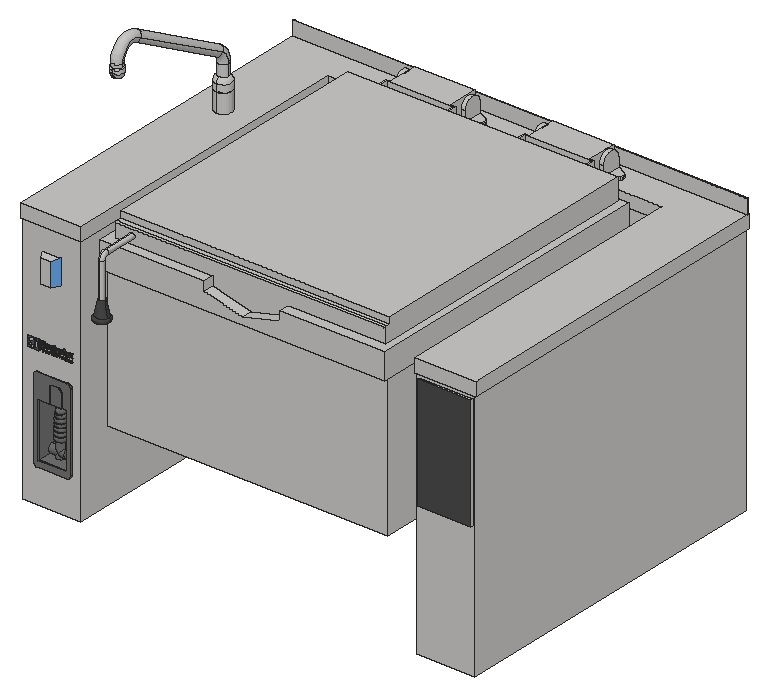
Revit family "QF_ELECTROLUXPROFESSIONAL_586955_PFET09ELES", category Specialty Equipment, Revit 2018
Family settings
  Round Connector Dimension = Use Radius
  Part Type = Normal
  Work Plane-Based = No
  Always vertical = Yes
  Cut with Voids When Loaded = No
  Shared = Yes
  Room Calculation Point = No
Parameters (values of type "Standard")
  Weight = 240.00 kg
  Watts = 0 W
  Volts = 400 V
  URL Manufacturer = "http://professional.electrolux.com"
  URL = "http://professional.electrolux.com"
  Steam Supply Size = 0"
  Steam Supply Minimum Pressure = 0.00 psi
  Steam Supply Maximum Pressure = 0.00 psi
  Steam Pounds per Hour = 0
  Show Logo [instance] = yes
  Refrigeration Suction Line Size = 0"
  Refrigeration Liquid Line Size = 0"
  Refrigerant Compressor Remote = yes
  Plinth Base Finish [instance] = QF_Finishes_Concrete
  Plinth Base [instance] = not(Base Height = 500.00 mm)  # yes
  Phase = 3
  Model = "PFET09ELES"
  Manufacturer = "Electrolux Professional"
  Length Actual = 1200.00 mm  # constant formula
  Item Number = "586955"
  Hot Water Size = 1/2"
  Height Actual = 700.00 mm  # constant formula
  HP = "20.8 HP"
  Gas Size = 0"
  Gas KW = 0
  Gas Input Pressure = 0.0 Btu/h
  Direct Waste Size = 0"
  Description = "EL. TILTING BRAISING PAN,AUTO H/C WATER FILL INLET,SPRAY GUN, 90L,H700,COMPOUND,BS,FS,D900,REAR CLS KIT,GUID.COOK.S"
  Depth Actual = 900.00 mm  # constant formula
  Cycle = 50 Hz
  Condensate Return Size = 0"
  Compressed Air Volume = 0 GPM
  Compressed Air Size = 0"
  Compressed Air Pressure = 0.00 psi
  Cold Water Size = 1/2"
  Bracket [instance] = Base Height = 500.00 mm  # no
  Body Finish [instance] = QF_Finishes_Stainless Steel
  Base Height = 200.00 mm
  Show Clearance [instance] = yes
  Assembly Code = ""
  Accessory = yes
Reference planes
  plane 1 "BACK": y = 0
  plane 2: z = 0
  plane 3 "LEFT": x = 0
  plane 4 "RIGHT": x = 1200
  plane 5 "FRONT": y = -900
  plane 6 "TOP": z = 900
  plane 7: z = 200
  plane 8 "Center": x = 600
  plane 9: y = -450
  plane 10: y = -920
  plane 11: z = 913.881
  plane 12: z = 1845
  plane 13: y = -971
Forms (mm)
  Extrusion 1, solid, material "QF_Finishes_Stainless Steel" <- "Body Finish"
    sketch origin (0, 0, 900) x (-1, 0, 0) y (0, -1, 0)
      loop
        line (0, 0) -> (0, 900) -> (-160, 900) -> (-160, 86) -> (-1040, 86) -> (-1040, 900) -> (-1200, 900) -> (-1200, 0) -> (0, 0)
    from 0 to -35
  Extrusion 2, solid, material "QF_Finishes_Stainless Steel" <- "Body Finish"
    sketch origin (0, 0, 0) x (1, 0, 0) y (0, 0, 1)
      loop
        line (157, 865) -> (157, 500) -> (1043, 500) -> (1043, 865) -> (157, 865)
    from 3 to 83
  Extrusion 3, solid, material "QF_Finishes_Stainless Steel" <- "Body Finish"
    sketch origin (0, 0, 0) x (1, 0, 0) y (0, 0, 1)
      loop
        line (230, 454.5) -> (970, 454.5) -> (970, 833) -> (230, 833) -> (230, 454.5)
    from 120.7 to 900
  Extrusion 4, solid, material "QF_Finishes_Stainless Steel" <- "Body Finish"
    sketch origin (-975.299, -4572, 900) x (-1, 0, 0) y (0, -1, 0)
      loop
        line (-1300.839, -4446.3) -> (-1304.839, -4446.3) -> (-1304.839, -4467) -> (-1480.839, -4467) -> (-1480.839, -4446.3) -> (-1484.839, -4446.3) -> (-1484.839, -4471) -> (-1472.239, -4471) -> (-1472.239, -4549.945) -> (-1313.239, -4549.945) -> (-1313.239, -4471) -> (-1300.839, -4471) -> (-1300.839, -4446.3)
      loop
        line (-1849.759, -4446.3) -> (-1849.759, -4471) -> (-1837.359, -4471) -> (-1837.359, -4549.945) -> (-1678.359, -4549.945) -> (-1678.359, -4471) -> (-1665.759, -4471) -> (-1665.759, -4446.3) -> (-1669.759, -4446.3) -> (-1669.759, -4467) -> (-1845.759, -4467) -> (-1845.759, -4446.3) -> (-1849.759, -4446.3)
    from 11 to 56
  Sweep 5, solid, material "QF_Finishes_Stainless Steel" <- "Body Finish"
    path origin (287.976, 0, 0) x (0, 1, 0) y (0, 0, 1)
      loop
        line (-890.7, 920) -> (-978.7, 920)
        arc (-978.7, 920) -> (-987.27, 916.45) -> (-990.819, 907.881) r 12.119
        line (-990.819, 907.881) -> (-990.819, 813.956)
    profile origin (287.976, -934.7, 920) x (0, 0, -1) y (1, 0, 0)
      loop
        circle (0, 0) r 6.119
  Revolve 6, solid, material "QF_Finishes_Black"
    sketch origin (0, -990.819, 0) x (1, 0, 0) y (0, 0, 1)
      loop
        line (287.976, 764.909) -> (304.041, 764.909)
        arc (304.041, 764.909) -> (309.041, 769.909) -> (304.041, 774.909) r 5
        line (304.041, 774.909) -> (296.452, 813.956) -> (287.976, 813.956) -> (287.976, 764.909)
      axis (287.976, 813.956) -> (287.976, 764.909)
    angle from 0 to 360
  Extrusion 7, void
    sketch origin (0, -820, 0) x (1, 0, 0) y (0, 0, 1)
      loop
        line (500.793, 900) -> (500.793, 876.744) -> (600.793, 851.202) -> (700.793, 876.744) -> (700.793, 900) -> (500.793, 900)
    from 70.7 to 100
  Extrusion 8, solid, material "QF_Finishes_Stainless Steel" <- "Body Finish"
    sketch origin (337.94, -101, 900) x (0, 1, 0) y (0, 0, -1)
      loop
        line (31, 0) -> (31, -32)
        arc (31, -32) -> (54.973, -55.973) -> (78.945, -32) r 23.973
        line (78.945, -32) -> (78.945, 0) -> (31, 0)
    from 0 to 12.9
  Extrusion 9, solid, material "QF_Finishes_Stainless Steel" <- "Body Finish"
    sketch origin (509.84, -101, 900) x (0, 1, 0) y (0, 0, -1)
      loop
        line (31, 0) -> (31, -32)
        arc (31, -32) -> (54.973, -55.973) -> (78.945, -32) r 23.973
        line (78.945, -32) -> (78.945, 0) -> (31, 0)
    from 0 to 12.9
  Extrusion 10, solid, material "QF_Finishes_Stainless Steel" <- "Body Finish"
    sketch origin (862.06, -101, 900) x (0, 1, 0) y (0, 0, 1)
      loop
        line (31, 0) -> (78.945, 0) -> (78.945, 32)
        arc (78.945, 32) -> (54.973, 55.973) -> (31, 32) r 23.973
        line (31, 32) -> (31, 0)
    from 0 to 12.9
  Extrusion 11, solid, material "QF_Finishes_Stainless Steel" <- "Body Finish"
    sketch origin (690.16, -101, 900) x (0, 1, 0) y (0, 0, 1)
      loop
        line (31, 0) -> (78.945, 0) -> (78.945, 32)
        arc (78.945, 32) -> (54.973, 55.973) -> (31, 32) r 23.973
        line (31, 32) -> (31, 0)
    from 0 to 12.9
  Extrusion 12, solid, material "QF_Finishes_Stainless Steel" <- "Body Finish"
    sketch origin (1043, -897, 0) x (1, 0, 0) y (0, 0, 1)
      loop
        line (7, 553.501) -> (147, 553.501) -> (147, 855) -> (7, 855) -> (7, 553.501)
    from 0 to 5
  Blend 13, solid, material "QF_Finishes_Stainless Steel" <- "Body Finish"
    base sketch origin (157, -897, 0) x (-1, 0, 0) y (0, 0, -1)
      loop
        line (100.5, -805.4) -> (100.5, -738.6) -> (53.5, -738.6) -> (53.5, -805.4) -> (100.5, -805.4)
    top sketch origin (157, -897, 0) x (-1, 0, 0) y (0, 0, -1)
      loop
        line (90.448, -802.617) -> (90.448, -741.383) -> (63.552, -741.383) -> (63.552, -802.617) -> (90.448, -802.617)
    from 0 to 20.065
  Extrusion 14, solid, material "QF_Finishes_Stainless Steel" <- "Body Finish"
    sketch origin (0, 0, 900) x (-1, 0, 0) y (0, -1, 0)
      loop
        line (-298.768, 36.346) -> (-295.234, 39.408) -> (-293.291, 43.662) -> (-293.291, 47.996) -> (-295.234, 52.592) -> (-298.768, 55.654) -> (-325.04, 70) -> (-325.04, 22) -> (-298.768, 36.346)
      loop
        line (-536.112, 36.346) -> (-509.84, 22) -> (-509.84, 70) -> (-536.112, 55.654) -> (-539.646, 52.592) -> (-541.589, 47.996) -> (-541.589, 43.662) -> (-539.646, 39.408) -> (-536.112, 36.346)
      loop
        line (-663.888, 36.346) -> (-660.354, 39.408) -> (-658.411, 43.662) -> (-658.411, 47.996) -> (-660.354, 52.592) -> (-663.888, 55.654) -> (-690.16, 70) -> (-690.16, 22) -> (-663.888, 36.346)
      loop
        line (-901.232, 36.346) -> (-874.96, 22) -> (-874.96, 70) -> (-901.232, 55.654) -> (-904.766, 52.592) -> (-906.709, 47.996) -> (-906.709, 43.662) -> (-904.766, 39.408) -> (-901.232, 36.346)
    from 0 to 8
  Extrusion 15, solid, material "QF_Finishes_Stainless Steel" <- "Body Finish"
    sketch origin (0, 0, 0) x (0, 1, 0) y (0, 0, 1)
      loop
        line (-875.7, 957.5) -> (-875.7, 939.75) -> (-887.664, 939.75)
        arc (-887.664, 939.75) -> (-889.835, 938.566) -> (-890.7, 936.25) r 3.536
        line (-890.7, 936.25) -> (-890.7, 900) -> (-125.7, 900) -> (-125.7, 957.5) -> (-875.7, 957.5)
    from 245.454 to 955.493
  Revolve 16, solid, material "QF_Finishes_Stainless Steel" <- "Body Finish"
    sketch origin (-975.299, -4572, 730) x (-1, 0, 0) y (0, -1, 0)
      loop
        line (-1205.299, -4000) -> (-1138.736, -4000) -> (-1138.736, -4030) -> (-1132.299, -4030) -> (-1132.299, -3943) -> (-1205.299, -3943) -> (-1205.299, -4000)
      loop
        line (-1945.299, -4000) -> (-1945.299, -3943) -> (-2018.299, -3943) -> (-2018.299, -4030) -> (-2011.861, -4030) -> (-2011.861, -4000) -> (-1945.299, -4000)
      axis (-1132.299, -3943) -> (-2018.299, -3943)
    angle from 0 to 360
  Extrusion 17, solid, material "QF_Finishes_Stainless Steel" <- "Body Finish", visible <- "Bracket"
    sketch origin (0, 0, -400) x (0, 1, 0) y (0, 0, 1)
      loop
        line (0, 900) -> (-200, 900) -> (-200, 850) -> (-136.36, 786.36) -> (0, 786.36) -> (0, 900)
    from 25.741 to 134.773
  Extrusion 18, solid, material "QF_Finishes_Stainless Steel" <- "Body Finish", visible <- "Bracket"
    sketch origin (1040, 0, -400) x (0, 1, 0) y (0, 0, 1)
      loop
        line (0, 900) -> (-200, 900) -> (-200, 850) -> (-136.36, 786.36) -> (0, 786.36) -> (0, 900)
    from 25.741 to 134.773
  Extrusion 19, solid, material "QF_Finishes_Stainless Steel" <- "Body Finish"
    sketch origin (-975.299, -4572, 900) x (-1, 0, 0) y (0, -1, 0)
      loop
        line (-1199.802, -4456.3) -> (-1199.802, -3652) -> (-1953.192, -3652) -> (-1953.192, -4456.3) -> (-1199.802, -4456.3)
    from -67 to 0
  Extrusion 20, solid, material "QF_Finishes_Clearance", visible <- "Show Clearance", detail levels coarse
    sketch origin (337.94, -101, 900) x (0, 1, 0) y (0, 0, -1)
      loop
        line (-159.261, -945) -> (78.945, -56) -> (-791.055, -56)
        arc (-791.055, -56) -> (-654.561, -627.998) -> (-159.261, -945) r 785.603
    from -617.553 to 92.486
  Extrusion 21, solid, material "QF_Finishes_Clearance", visible <- "Show Clearance", detail levels coarse
    sketch origin (600, 0, 0) x (0, 1, 0) y (0, 0, 1)
      loop
        line (-900, 450.365) -> (-900, 833) -> (-920, 833) -> (-920, 900)
        arc (-920, 900) -> (-971.101, 672.465) -> (-900, 450.365) r 444.593
    from -375.497 to 377.893
  Extrusion 22, solid, material "QF_Finishes_Stainless Steel"
    sketch origin (0, 0, 386.36) x (0, 0, 1) y (1, 0, 0)
      loop
        circle (8.64, 106.204) r 6.35
      loop
        circle (8.64, 46.204) r 6.35
    from 0 to 5
  Extrusion 23, solid, material "QF_Finishes_Stainless Steel"
    sketch origin (1040, 0, 386.36) x (0, 0, 1) y (1, 0, 0)
      loop
        circle (8.64, 81.204) r 6.35
    from 0 to 5
  Extrusion 24, solid, material "QF_Finishes_Stainless Steel" <- "Body Finish"
    sketch origin (0, -100, 0) x (1, 0, 0) y (0, 1, 0)
      loop
        line (157, 97) -> (3, 97) -> (3, -797) -> (157, -797) -> (157, 97)
      loop
        line (1197, 97) -> (1043, 97) -> (1043, -797) -> (1197, -797) -> (1197, 97)
    from 200 to 865
  Extrusion 25, solid, material "Navy Blue", visible <- "Show Logo"
    sketch origin (160, -897, 0) x (-1, 0, 0) y (0, 0, -1)
      loop
        line (101.332, -593.18) -> (109.793, -593.18) -> (109.793, -583.327)
        arc (109.793, -583.327) -> (108.679, -580.639) -> (105.991, -579.525) r 3.802
        line (105.991, -579.525) -> (101.168, -579.525) -> (101.168, -581.736) -> (105.441, -581.736)
        arc (105.441, -581.736) -> (106.845, -582.21) -> (107.442, -583.566) r 1.838
        line (107.442, -583.566) -> (107.442, -585.52) -> (101.698, -585.52) -> (101.698, -587.738) -> (107.442, -587.738) -> (107.442, -590.968) -> (101.332, -590.968) -> (101.332, -593.18)
      loop
        line (99.498, -593.18) -> (99.498, -579.525) -> (97.146, -579.525) -> (97.146, -593.18) -> (99.498, -593.18)
      loop
        line (48.417, -593.18) -> (48.417, -579.525) -> (46.064, -579.525) -> (46.064, -593.18) -> (48.417, -593.18)
      loop
        line (93.257, -583.886) -> (85.539, -583.886)
        arc (85.539, -583.886) -> (86.746, -588.126) -> (90.874, -589.672) r 4.89
        arc (90.874, -589.672) -> (94.51, -587.828) -> (95.548, -583.886) r 4.976
        arc (95.548, -583.886) -> (94.182, -580.589) -> (90.886, -579.224) r 4.662
        arc (90.886, -579.224) -> (88.32, -579.602) -> (86.169, -581.05) r 5.86
        line (86.169, -581.05) -> (87.562, -582.444)
        arc (87.562, -582.444) -> (89.391, -581.347) -> (91.516, -581.531) r 3.458
        arc (91.516, -581.531) -> (92.812, -582.394) -> (93.257, -583.886) r 2.29
      loop
        line (93.198, -585.539) -> (87.902, -585.539)
        arc (87.902, -585.539) -> (88.645, -587.103) -> (90.278, -587.679) r 2.256
        arc (90.278, -587.679) -> (92.162, -587.188) -> (93.198, -585.539) r 2.64
      loop
        line (76.371, -586.524) -> (74.894, -588)
        arc (74.894, -588) -> (76.746, -589.341) -> (78.997, -589.742) r 5.117
        arc (78.997, -589.742) -> (82.429, -588.487) -> (84.231, -585.308) r 5.293
        arc (84.231, -585.308) -> (81.194, -579.733) -> (74.977, -581.018) r 5.33
        line (74.977, -581.018) -> (76.446, -582.487)
        arc (76.446, -582.487) -> (79.616, -581.438) -> (81.887, -583.886) r 3.088
        arc (81.887, -583.886) -> (81.729, -585.821) -> (80.396, -587.234) r 2.933
        arc (80.396, -587.234) -> (78.264, -587.559) -> (76.371, -586.524) r 3.369
      loop
        line (73.45, -593.18) -> (73.45, -583.849)
        arc (73.45, -583.849) -> (73.246, -582.449) -> (72.722, -581.135) r 6.031
        arc (72.722, -581.135) -> (71.044, -579.8) -> (68.918, -579.519) r 4.018
        line (68.918, -579.519) -> (68.918, -581.723)
        arc (68.918, -581.723) -> (69.55, -581.771) -> (70.139, -582.005) r 2.118
        arc (70.139, -582.005) -> (70.895, -582.804) -> (71.098, -583.886) r 1.949
        line (71.098, -583.886) -> (71.098, -587.265) -> (68.962, -587.265) -> (68.962, -589.401) -> (71.098, -589.401) -> (71.098, -593.18) -> (73.45, -593.18)
      loop
        arc (64.65, -584.717) -> (64.482, -585.701) -> (63.997, -586.574) r 2.967
        arc (63.997, -586.574) -> (62.588, -587.297) -> (61.004, -587.265) r 3.231
        line (61.004, -587.265) -> (61.004, -589.525)
        arc (61.004, -589.525) -> (63.073, -589.33) -> (64.65, -587.977) r 3.432
        line (64.65, -587.977) -> (64.65, -589.401) -> (66.983, -589.401) -> (66.983, -579.525) -> (64.65, -579.525) -> (64.65, -584.717)
      loop
        circle (55.254, -584.461) r 5.233
      loop
        circle (55.254, -584.461) r 3.172
      loop
        arc (37.582, -583.638) -> (38.162, -582.041) -> (39.738, -581.405) r 2.088
        arc (39.738, -581.405) -> (41.313, -582.041) -> (41.894, -583.638) r 2.088
        line (41.894, -583.638) -> (41.894, -589.401) -> (44.266, -589.401) -> (44.266, -583.442)
        arc (44.266, -583.442) -> (42.916, -580.365) -> (39.738, -579.275) r 4.181
        arc (39.738, -579.275) -> (36.524, -580.398) -> (35.211, -583.539) r 4.181
        line (35.211, -583.539) -> (35.211, -589.401) -> (37.582, -589.401) -> (37.582, -583.638)
      loop
        line (33.789, -589.401) -> (30.374, -584.764) -> (34.126, -579.522) -> (31.598, -579.522) -> (29.107, -583.001) -> (26.58, -579.522) -> (24.068, -579.522) -> (27.767, -584.817) -> (24.385, -589.401) -> (26.952, -589.401) -> (29.115, -586.469) -> (31.245, -589.401) -> (33.789, -589.401)
      loop
        line (108.47, -573.865) -> (110.346, -573.865) -> (110.346, -569.143) -> (109.319, -569.143) -> (109.319, -570.769) -> (108.185, -570.769)
        arc (108.185, -570.769) -> (106.916, -572.447) -> (108.47, -573.865) r 1.561
      loop
        arc (108.23, -571.697) -> (107.841, -572.304) -> (108.23, -572.911) r 0.668
        line (108.23, -572.911) -> (109.319, -572.911) -> (109.319, -571.697) -> (108.23, -571.697)
      loop
        line (101.061, -573.865) -> (102.968, -573.865) -> (102.968, -569.143) -> (101.942, -569.143) -> (101.942, -570.769) -> (100.949, -570.769) -> (100.27, -569.143) -> (99.168, -569.143) -> (100.097, -571.134)
        arc (100.097, -571.134) -> (99.652, -571.665) -> (99.502, -572.343) r 1.458
        arc (99.502, -572.343) -> (99.971, -573.421) -> (101.061, -573.865) r 1.559
      loop
        line (101.942, -572.911) -> (101.942, -571.697) -> (100.852, -571.697)
        arc (100.852, -571.697) -> (100.464, -572.304) -> (100.852, -572.911) r 0.668
        line (100.852, -572.911) -> (101.942, -572.911)
      loop
        circle (93.139, -571.504) r 2.453
      loop
        circle (93.139, -571.504) r 1.557
      loop
        line (86.655, -573.865) -> (86.655, -569.143) -> (85.654, -569.143) -> (85.654, -570.793) -> (83.876, -570.793) -> (83.876, -571.851) -> (85.654, -571.851) -> (85.654, -572.847) -> (83.706, -572.847) -> (83.706, -573.865) -> (86.655, -573.865)
      loop
        line (79.724, -573.865) -> (79.724, -570.677)
        arc (79.724, -570.677) -> (79.288, -569.596) -> (78.213, -569.146) r 1.51
        line (78.213, -569.146) -> (76.689, -569.146) -> (76.689, -570.038) -> (78.122, -570.038)
        arc (78.122, -570.038) -> (78.65, -570.475) -> (78.753, -571.151) r 0.961
        line (78.753, -571.151) -> (76.866, -571.151) -> (76.866, -572.043) -> (78.753, -572.043) -> (78.753, -572.973) -> (76.735, -572.973) -> (76.735, -573.865) -> (79.724, -573.865)
      loop
        arc (62.624, -573.267) -> (63.249, -573.78) -> (64.041, -573.943) r 1.69
        arc (64.041, -573.943) -> (64.773, -573.764) -> (65.374, -573.31) r 1.872
        arc (65.374, -573.31) -> (65.486, -572.238) -> (64.794, -571.411) r 1.385
        arc (64.794, -571.411) -> (64.212, -571.217) -> (63.66, -570.95) r 4.78
        arc (63.66, -570.95) -> (63.312, -570.539) -> (63.552, -570.057) r 0.489
        arc (63.552, -570.057) -> (63.998, -569.952) -> (64.442, -570.065) r 0.963
        arc (64.442, -570.065) -> (64.826, -570.341) -> (65.061, -570.752) r 1.118
        line (65.061, -570.752) -> (65.887, -570.367)
        arc (65.887, -570.367) -> (65.589, -569.793) -> (65.11, -569.36) r 1.815
        arc (65.11, -569.36) -> (64.566, -569.127) -> (63.978, -569.068) r 1.957
        arc (63.978, -569.068) -> (63.25, -569.213) -> (62.595, -569.561) r 2.556
        arc (62.595, -569.561) -> (62.305, -570.331) -> (62.455, -571.139) r 1.535
        arc (62.455, -571.139) -> (62.778, -571.512) -> (63.19, -571.781) r 1.779
        arc (63.19, -571.781) -> (63.712, -572.014) -> (64.248, -572.215) r 9.371
        arc (64.248, -572.215) -> (64.557, -572.696) -> (64.11, -573.053) r 0.427
        arc (64.11, -573.053) -> (63.575, -572.924) -> (63.163, -572.558) r 1.135
        line (63.163, -572.558) -> (62.624, -573.267)
      loop
        line (58.291, -573.865) -> (58.291, -569.146) -> (57.321, -569.146) -> (57.321, -573.865) -> (58.291, -573.865)
      loop
        circle (50.779, -571.506) r 1.468
      loop
        circle (50.779, -571.506) r 2.451
      loop
        line (44.27, -569.146) -> (43.289, -569.146) -> (43.289, -572.113) -> (41.131, -569.146) -> (40.187, -569.146) -> (40.187, -573.865) -> (41.168, -573.865) -> (41.168, -570.808) -> (43.326, -573.865) -> (44.27, -573.865) -> (44.27, -569.146)
      loop
        line (35.295, -569.146) -> (34.836, -570.164) -> (33.09, -570.164) -> (32.631, -569.146) -> (31.588, -569.146) -> (33.581, -573.865) -> (34.491, -573.865) -> (36.337, -569.146) -> (35.295, -569.146)
      loop
        line (33.526, -571.132) -> (33.993, -572.169) -> (34.447, -571.132) -> (33.526, -571.132)
      loop
        line (26.769, -570.038) -> (26.769, -573.865) -> (27.739, -573.865) -> (27.739, -569.146) -> (24.954, -569.146) -> (24.954, -570.038) -> (26.769, -570.038)
      loop
        arc (69.698, -573.267) -> (70.324, -573.78) -> (71.116, -573.943) r 1.69
        arc (71.116, -573.943) -> (71.847, -573.764) -> (72.449, -573.31) r 1.872
        arc (72.449, -573.31) -> (72.56, -572.238) -> (71.868, -571.411) r 1.385
        arc (71.868, -571.411) -> (71.287, -571.217) -> (70.735, -570.95) r 4.78
        arc (70.735, -570.95) -> (70.386, -570.539) -> (70.627, -570.057) r 0.489
        arc (70.627, -570.057) -> (71.073, -569.952) -> (71.517, -570.065) r 0.963
        arc (71.517, -570.065) -> (71.901, -570.341) -> (72.136, -570.752) r 1.118
        line (72.136, -570.752) -> (72.961, -570.367)
        arc (72.961, -570.367) -> (72.664, -569.793) -> (72.184, -569.36) r 1.815
        arc (72.184, -569.36) -> (71.64, -569.127) -> (71.052, -569.068) r 1.957
        arc (71.052, -569.068) -> (70.325, -569.213) -> (69.669, -569.561) r 2.556
        arc (69.669, -569.561) -> (69.38, -570.331) -> (69.529, -571.139) r 1.535
        arc (69.529, -571.139) -> (69.852, -571.512) -> (70.265, -571.781) r 1.779
        arc (70.265, -571.781) -> (70.787, -572.014) -> (71.322, -572.215) r 9.371
        arc (71.322, -572.215) -> (71.632, -572.696) -> (71.185, -573.053) r 0.427
        arc (71.185, -573.053) -> (70.649, -572.924) -> (70.238, -572.558) r 1.135
        line (70.238, -572.558) -> (69.698, -573.267)
      loop
        line (124.467, -593.367) -> (124.467, -568.534)
        arc (124.467, -568.534) -> (115.287, -580.95) -> (124.467, -593.367) r 12.987
      loop
        arc (125.423, -593.446) -> (135.891, -591.227) -> (141.022, -581.837) r 12.809
        line (141.022, -581.837) -> (135.422, -581.837)
        arc (135.422, -581.837) -> (128.84, -585.012) -> (125.423, -591.472) r 11.707
        line (125.423, -591.472) -> (125.423, -593.446)
      loop
        arc (125.73, -570.332) -> (129.585, -577.251) -> (136.925, -580.23) r 11.93
        line (136.925, -580.23) -> (141.033, -580.23)
        arc (141.033, -580.23) -> (136.066, -570.804) -> (125.73, -568.215) r 13.06
        line (125.73, -568.215) -> (125.73, -570.332)
      loop
        line (141.976, -594.722) -> (141.976, -567.122) -> (114.339, -567.122) -> (114.339, -594.722) -> (141.976, -594.722)
    from 0 to 0.697
  Extrusion 26, void
    sketch origin (0, -900, 0) x (1, 0, 0) y (0, 0, 1)
      loop
        line (125.4, 500.944) -> (43.4, 500.944) -> (43.4, 305.944) -> (125.4, 305.944) -> (125.4, 500.944)
    from 0 to -63
  Extrusion 27, solid, material "QF_Finishes_Stainless Steel"
    sketch origin (600, -100, 0) x (0, 1, 0) y (0, 0, 1)
      loop
        line (98, 937.998) -> (98, 900) -> (100, 900) -> (100, 937.998) -> (98, 937.998)
    from 600 to -600
Cuts and joins
  Extrusion 7 cuts Extrusion 19
  joined: Extrusion 3, Extrusion 15, Extrusion 19
  Extrusion 26 cuts Extrusion 24
Lines and regions (mm)
  Split face 1
    outline origin (1043, -902, 0) x (1, 0, 0) y (0, 0, 1)
      loop
        line (7.625, 638.501) -> (7.625, 554.126) -> (146.375, 554.126) -> (146.375, 638.501) -> (7.625, 638.501)
  Split face 2
    outline origin (1043, -902, 0) x (1, 0, 0) y (0, 0, 1)
      loop
        line (21.373, 638.501) -> (132.623, 638.501) -> (132.623, 843.501) -> (21.373, 843.501) -> (21.373, 638.501)
  symbolic lines
    curve 1: line (1200, 0, 900) -> (0, 0, 900)
    curve 2: line (1200, -900, 900) -> (1200, 0, 900)
    curve 3: line (1040, -900, 900) -> (1200, -900, 900)
    curve 4: line (1040, -86, 900) -> (1040, -900, 900)
    curve 5: line (0, 0, 900) -> (0, -900, 900)
    curve 6: line (160, -900, 900) -> (160, -86, 900)
    curve 7: line (0, -900, 900) -> (160, -900, 900)
    curve 8: line (160, -86, 900) -> (337.94, -86, 900)
    curve 9: line (496.94, -86, 900) -> (703.06, -86, 900)
    curve 10: line (862.06, -86, 900) -> (1040, -86, 900)
    curve 11: line (224.503, -115.7, 900) -> (325.54, -115.7, 900)
    curve 12: line (329.54, -115.7, 900) -> (505.54, -115.7, 900)
    curve 13: line (509.54, -115.7, 900) -> (690.46, -115.7, 900)
    curve 14: line (694.46, -115.7, 900) -> (870.46, -115.7, 900)
    curve 15: line (977.893, -115.7, 900) -> (874.46, -115.7, 900)
    curve 16: line (977.893, -115.7, 900) -> (977.893, -920, 900)
    curve 17: line (224.503, -115.7, 900) -> (224.503, -920, 900)
    curve 18: line (1040, -572, 900) -> (977.893, -572, 900)
    curve 19: line (1040, -686, 900) -> (977.893, -686, 900)
    curve 20: line (160, -572, 900) -> (224.503, -572, 900)
    curve 21: line (160, -686, 900) -> (224.503, -686, 900)
    curve 29: line (0, -2, 0) -> (1200, -2, 0)
  symbolic lines, style "QF-Clearances", visible <- "Show Clearance", detail levels coarse
    curve 22: line (350, -550, 900) -> (850, -550, 900)
    curve 23: line (350, -1750, 900) -> (350, -550, 900)
    curve 24: line (850, -1750, 900) -> (350, -1750, 900)
    curve 25: line (850, -550, 900) -> (850, -1750, 900)
    curve 26: line (350, -1150, 900) -> (550, -1750, 900)
    curve 27: line (850, -1150, 900) -> (650, -1750, 900)
    curve 28: circle (600, -1700, 900) r 25 normal (0, 0, 1)
Dimensions and locks
  plane 3 "LEFT" to plane 4 "RIGHT" = 1200.00 mm
  plane 4 "RIGHT" to plane 3 "LEFT" = 1200.00 mm
  plane 1 "BACK" to plane 5 "FRONT" = 900.00 mm
  plane 5 "FRONT" to plane 1 "BACK" = 900.00 mm
  plane 6 "TOP" to level = 900.00 mm
  "Base Height": plane 7 to level
  equal spacing: plane 5 "FRONT", plane 9, plane 1 "BACK"
  equal spacing: plane 3 "LEFT", plane 8 "Center", plane 4 "RIGHT"
  plane 10 to plane 1 "BACK" = 920.00 mm
  plane 6 "TOP" to Extrusion 3 sketch curve to Extrusion 3 sketch curve = 67.00 mm locked, 378.50 mm locked
  plane 6 "TOP" to Extrusion 12 sketch curve to Extrusion 12 sketch curve = 45.00 mm locked, 301.499 mm locked
  plane 6 "TOP" to Extrusion 17 sketch curve to Extrusion 17 sketch curve to Extrusion 17 sketch curve = 400.00 mm locked, 50.00 mm locked, 63.64 mm locked
  plane 6 "TOP" to Extrusion 18 sketch curve to Extrusion 18 sketch curve to Extrusion 18 sketch curve = 400.00 mm locked, 50.00 mm locked, 63.64 mm locked
  locked: cut or joined group of Extrusion 3, Extrusion 7, Extrusion 15, Extrusion 19 to plane 4 "RIGHT" at 244.507
  Extrusion 14 sketch curve to Extrusion 14 sketch curve to Extrusion 8 to Extrusion 4 to Extrusion 14 sketch curve to Extrusion 14 sketch curve = 31.749 mm locked, 12.90 mm locked, 159.00 mm locked, 12.90 mm locked, 31.749 mm locked
  plane 4 "RIGHT" to Extrusion 10 to Extrusion 10 to Extrusion 11 to Extrusion 11 = 325.04 mm locked, 12.90 mm locked, 159.00 mm locked, 12.90 mm locked
  Extrusion 9 to Extrusion 9 to Extrusion 8 to Extrusion 8 to plane 3 "LEFT" = 12.90 mm locked, 159.00 mm locked, 12.90 mm locked, 325.04 mm locked
  Extrusion 14 sketch curve to Extrusion 14 sketch curve to Extrusion 14 sketch curve to Extrusion 14 sketch curve to plane 4 "RIGHT" = 31.749 mm locked, 184.80 mm locked, 31.749 mm locked, 293.291 mm locked
  Extrusion 4 sketch curve to Extrusion 4 sketch curve to Extrusion 4 sketch curve to Extrusion 4 sketch curve to Extrusion 4 sketch curve to Extrusion 4 sketch curve to plane 4 "RIGHT" = 4.00 mm locked, 8.60 mm locked, 159.00 mm locked, 8.40 mm locked, 4.00 mm locked, 325.54 mm locked
  Extrusion 18 to Extrusion 18 to plane 4 "RIGHT" = 109.032 mm locked, 25.227 mm locked
  Extrusion 7 sketch curve to plane 8 "Center" to Extrusion 7 sketch curve = 100.793 mm locked, 99.207 mm locked
  Extrusion 15 sketch curve to Extrusion 15 sketch curve to Extrusion 15 sketch curve to plane 5 "FRONT" = 11.964 mm locked, 3.036 mm locked, 9.30 mm locked
  locked: Extrusion 19 sketch curve to plane 5 "FRONT" at 20
  cut or joined group of Extrusion 3, Extrusion 7, Extrusion 15, Extrusion 19 to cut or joined group of Extrusion 3, Extrusion 7, Extrusion 15, Extrusion 19 to cut or joined group of Extrusion 3, Extrusion 7, Extrusion 15, Extrusion 19 = 0.00 mm locked, 29.30 mm locked
  Sweep 5 sketch curve to plane 5 "FRONT" to Sweep 5 sketch curve to Sweep 5 sketch curve = 9.30 mm locked, 78.70 mm locked, 12.119 mm locked
  locked: plane 5 "FRONT" to Revolve 6 at 90.819
  plane 6 "TOP" to Extrusion 2 sketch curve to Extrusion 2 sketch curve = 35.00 mm locked, 365.00 mm locked
  plane 12 to plane 6 "TOP" = 945.00 mm
  plane 1 "BACK" to plane 13 = 971.00 mm
  locked: Extrusion 21 to plane 4 "RIGHT" at 222.107
  Extrusion 21 sketch curve to Extrusion 21 sketch curve to Extrusion 21 sketch curve to cut or joined group of Extrusion 3, Extrusion 7, Extrusion 15, Extrusion 19 = 51.54 mm locked, 20.00 mm locked, 9.30 mm locked
  Extrusion 21 sketch curve to Extrusion 21 sketch curve to Extrusion 21 sketch curve = 67.00 mm locked, 382.635 mm locked
  aligned and locked: level to plane 2
  aligned: plane 6 "TOP" to Extrusion 1
  aligned and locked: plane 6 "TOP" to Extrusion 1
  aligned and locked: Revolve 16 to cut or joined group of Extrusion 3, Extrusion 7, Extrusion 15, Extrusion 19
  aligned and locked: cut or joined group of Extrusion 3, Extrusion 7, Extrusion 15, Extrusion 19 to Revolve 16
  aligned and locked: plane 5 "FRONT" to cut or joined group of Extrusion 3, Extrusion 7, Extrusion 15, Extrusion 19
  aligned: cut or joined group of Extrusion 3, Extrusion 7, Extrusion 15, Extrusion 19 to Sweep 5 sketch curve
  aligned: cut or joined group of Extrusion 3, Extrusion 7, Extrusion 15, Extrusion 19 to plane 10
  aligned: Sweep 5 to cut or joined group of Extrusion 3, Extrusion 7, Extrusion 15, Extrusion 19
  aligned and locked: Extrusion 19 to Extrusion 7
  aligned: Extrusion 2 to cut or joined group of Extrusion 3, Extrusion 7, Extrusion 15, Extrusion 19
  aligned and locked: Extrusion 20 to cut or joined group of Extrusion 3, Extrusion 7, Extrusion 15, Extrusion 19  (x2)
  aligned and locked: cut or joined group of Extrusion 3, Extrusion 7, Extrusion 15, Extrusion 19 to Extrusion 21
  aligned and locked: Extrusion 4 to curve 9
  aligned and locked: curve 8 to Extrusion 1
  aligned and locked: Extrusion 4 to curve 13
  aligned and locked: Extrusion 4 to curve 12  (x2)
  aligned and locked: Extrusion 4 to curve 11
  aligned and locked: curve 17 to cut or joined group of Extrusion 3, Extrusion 7, Extrusion 15, Extrusion 19
  aligned and locked: curve 6 to Extrusion 1
Automatic sketch dimensions
  plane 1 "BACK" to Extrusion 1 sketch curve = 0.00 mm
  Extrusion 1 sketch curve to plane 4 "RIGHT" = 0.00 mm
  plane 5 "FRONT" to Extrusion 1 sketch curve = 0.00 mm  (x2)
  Extrusion 1 sketch curve to plane 3 "LEFT" = 0.00 mm
  Extrusion 1 sketch curve to plane 4 "RIGHT" = 160.00 mm
  plane 3 "LEFT" to Extrusion 1 sketch curve = 160.00 mm
  plane 1 "BACK" to Extrusion 1 sketch curve = 86.00 mm
  plane 3 "LEFT" to Extrusion 2 sketch curve = 157.00 mm
  Extrusion 2 sketch curve to plane 4 "RIGHT" = 157.00 mm
  plane 3 "LEFT" to Extrusion 3 sketch curve = 230.00 mm
  Extrusion 3 sketch curve to plane 4 "RIGHT" = 230.00 mm
  Extrusion 4 sketch curve to plane 8 "Center" = 90.46 mm
  Extrusion 4 sketch curve to Extrusion 4 sketch curve = 4.00 mm  (x4)
  Extrusion 4 sketch curve to Extrusion 4 sketch curve = 8.60 mm
  plane 1 "BACK" to Extrusion 4 sketch curve = 22.055 mm  (x2)
  Extrusion 4 sketch curve to Extrusion 4 sketch curve = 159.00 mm
  Extrusion 4 sketch curve to Extrusion 4 sketch curve = 8.40 mm
  Extrusion 4 sketch curve to Extrusion 4 sketch curve = 78.945 mm  (x4)
  Extrusion 4 sketch curve to Extrusion 4 sketch curve = 20.70 mm  (x4)
  plane 6 "TOP" to Sweep 5 sketch curve = 7.881 mm
  Sweep 5 sketch curve to plane 6 "TOP" = 86.044 mm
  Sweep 5 sketch curve to profile plane = 0.00 mm  (x2)
  Revolve 6 sketch curve to plane 6 "TOP" = 135.091 mm
  plane 3 "LEFT" to Revolve 6 sketch curve = 287.976 mm
  Revolve 6 sketch curve to plane 6 "TOP" = 86.044 mm
  Revolve 6 sketch curve to Revolve 6 sketch curve = 8.475 mm
  Revolve 6 sketch curve to Revolve 6 sketch curve = 16.065 mm
  Revolve 6 sketch curve to Revolve 6 sketch curve = 5.00 mm
  Revolve 6 sketch curve to Revolve 6 sketch curve = 0.00 mm
  Revolve 6 sketch curve to Revolve 6 sketch curve = 19.523 mm
  Revolve 6 sketch curve to Revolve 6 sketch curve = 6.381 mm
  plane 8 "Center" to Extrusion 7 sketch curve = 0.793 mm
  Extrusion 7 sketch curve to plane 6 "TOP" = 48.798 mm
  Extrusion 7 sketch curve to plane 6 "TOP" = 23.256 mm  (x2)
  plane 6 "TOP" to Extrusion 7 sketch curve = 0.00 mm
  Extrusion 8 sketch curve to Extrusion 4 = 0.00 mm
  Extrusion 4 to Extrusion 8 sketch curve = 23.973 mm
  Extrusion 4 to Extrusion 8 sketch curve = 21.00 mm
  Extrusion 8 sketch curve to Extrusion 4 = 11.00 mm
  Extrusion 9 sketch curve to plane 6 "TOP" = 0.00 mm
  plane 1 "BACK" to Extrusion 9 sketch curve = 70.00 mm
  Extrusion 9 sketch curve to Extrusion 9 sketch curve = 23.973 mm
  plane 6 "TOP" to Extrusion 9 sketch curve = 32.00 mm
  Extrusion 10 sketch curve to plane 6 "TOP" = 0.00 mm
  plane 1 "BACK" to Extrusion 10 sketch curve = 70.00 mm
  Extrusion 10 sketch curve to Extrusion 10 sketch curve = 23.973 mm
  Extrusion 10 sketch curve to Extrusion 10 sketch curve = 32.00 mm
  Extrusion 11 sketch curve to plane 6 "TOP" = 0.00 mm
  plane 1 "BACK" to Extrusion 11 sketch curve = 70.00 mm
  Extrusion 11 sketch curve to Extrusion 11 sketch curve = 23.973 mm
  Extrusion 11 sketch curve to Extrusion 11 sketch curve = 32.00 mm
  Extrusion 12 sketch curve to plane 4 "RIGHT" = 150.00 mm
  Extrusion 12 sketch curve to plane 4 "RIGHT" = 10.00 mm
  plane 3 "LEFT" to Blend 13 sketch curve = 103.50 mm
  Blend 13 sketch curve to Blend 13 sketch curve = 47.00 mm
  Blend 13 sketch curve to plane 6 "TOP" = 94.60 mm
  Blend 13 sketch curve to Blend 13 sketch curve = 66.80 mm
  plane 3 "LEFT" to Blend 13 sketch curve = 93.448 mm
  Blend 13 sketch curve to Blend 13 sketch curve = 26.896 mm
  Blend 13 sketch curve to plane 6 "TOP" = 97.383 mm
  Blend 13 sketch curve to Blend 13 sketch curve = 61.233 mm
  plane 1 "BACK" to Extrusion 14 sketch curve = 52.592 mm  (x2)
  Extrusion 14 sketch curve to Extrusion 14 sketch curve = 1.943 mm  (x4)
  plane 1 "BACK" to Extrusion 14 sketch curve = 39.408 mm  (x2)
  plane 1 "BACK" to Extrusion 14 sketch curve = 36.346 mm  (x2)
  Extrusion 14 sketch curve to Extrusion 14 sketch curve = 3.534 mm  (x8)
  plane 1 "BACK" to Extrusion 14 sketch curve = 55.654 mm  (x2)
  Extrusion 14 sketch curve to Extrusion 14 sketch curve = 5.477 mm  (x4)
  plane 1 "BACK" to Extrusion 14 sketch curve = 22.00 mm  (x4)
  Extrusion 14 sketch curve to Extrusion 14 sketch curve = 14.346 mm  (x6)
  Extrusion 14 sketch curve to Extrusion 14 sketch curve = 3.062 mm  (x4)
  Extrusion 14 sketch curve to Extrusion 14 sketch curve = 4.254 mm  (x4)
  Extrusion 14 sketch curve to Extrusion 14 sketch curve = 4.334 mm  (x4)
  Extrusion 14 sketch curve to Extrusion 14 sketch curve = 4.596 mm  (x2)
  Extrusion 15 sketch curve to plane 6 "TOP" = 0.00 mm
  Extrusion 15 sketch curve to Extrusion 15 sketch curve = 3.536 mm
  plane 1 "BACK" to Extrusion 15 sketch curve = 125.70 mm
  Extrusion 15 sketch curve to Extrusion 15 sketch curve = 36.25 mm
  Extrusion 15 sketch curve to Extrusion 15 sketch curve = 57.50 mm
  Revolve 16 sketch curve to plane 4 "RIGHT" = 157.00 mm
  Revolve 16 sketch curve to Revolve 16 sketch curve = 6.437 mm  (x2)
  Revolve 16 sketch curve to Revolve 16 sketch curve = 66.563 mm  (x2)
  plane 3 "LEFT" to Revolve 16 sketch curve = 230.00 mm
  Revolve 16 sketch curve to plane 9 = 92.00 mm  (x2)
  Revolve 16 sketch curve to Revolve 16 sketch curve = 30.00 mm  (x2)
  Revolve 16 sketch curve to Revolve 16 sketch curve = 57.00 mm  (x2)
  Revolve 16 sketch curve to Revolve 16 sketch curve = 5.497 mm  (x2)
  Revolve 16 sketch curve to Revolve 16 sketch curve = 0.00 mm
  Split face 1 sketch curve to Extrusion 12 = 0.625 mm  (x3)
  Split face 1 sketch curve to Split face 1 sketch curve = 84.375 mm
  Split face 2 sketch curve to Extrusion 12 = 14.373 mm
  Split face 2 sketch curve to Extrusion 12 = 14.377 mm
  Split face 2 sketch curve to Extrusion 12 = 85.00 mm
  Split face 2 sketch curve to Extrusion 12 = 11.499 mm
  Extrusion 17 sketch curve to plane 1 "BACK" = 0.00 mm
  plane 1 "BACK" to Extrusion 17 sketch curve = 136.36 mm
  Extrusion 17 sketch curve to Extrusion 17 sketch curve = 63.64 mm
  Extrusion 18 sketch curve to plane 1 "BACK" = 0.00 mm
  plane 1 "BACK" to Extrusion 18 sketch curve = 136.36 mm
  Extrusion 18 sketch curve to Extrusion 18 sketch curve = 63.64 mm
  Extrusion 19 sketch curve to plane 4 "RIGHT" = 222.107 mm
  plane 3 "LEFT" to Extrusion 19 sketch curve = 224.503 mm
  plane 1 "BACK" to Extrusion 19 sketch curve = 115.70 mm
  Extrusion 4 to Extrusion 20 sketch curve = 0.00 mm
  Extrusion 20 sketch curve to Extrusion 4 = 0.00 mm
  Extrusion 4 to Extrusion 20 sketch curve = 14.199 mm
  Extrusion 4 to Extrusion 20 sketch curve = 159.261 mm
  Extrusion 20 sketch curve to Extrusion 20 sketch curve = 776.856 mm
  Extrusion 20 sketch curve to Extrusion 4 = 116.906 mm
  Extrusion 21 sketch curve to plane 6 "TOP" = 0.00 mm
  curve 3 to plane 4 "RIGHT" = 0.00 mm
  plane 5 "FRONT" to curve 3 = 0.00 mm
  curve 16 to plane 10 = 0.00 mm
  curve 5 to plane 3 "LEFT" = 0.00 mm
  plane 1 "BACK" to curve 1 = 0.00 mm
  plane 5 "FRONT" to curve 7 = 0.00 mm
  curve 17 to plane 10 = 0.00 mm
  curve 3 to plane 4 "RIGHT" = 160.00 mm
  curve 4 to curve 16 = 62.107 mm
  plane 1 "BACK" to curve 4 = 86.00 mm
  curve 4 to curve 15 = 29.70 mm
  curve 6 to curve 17 = 29.70 mm
  curve 15 to curve 15 = 103.433 mm
  curve 15 to curve 14 = 4.00 mm
  curve 14 to curve 10 = 8.40 mm
  plane 8 "Center" to curve 9 = 103.06 mm
  curve 9 to curve 14 = 8.60 mm
  curve 14 to curve 13 = 4.00 mm
  curve 8 to curve 12 = 8.40 mm
  plane 1 "BACK" to curve 9 = 86.00 mm
  curve 9 to curve 13 = 29.70 mm
  curve 14 to curve 15 = 0.00 mm
  curve 11 to curve 12 = 0.00 mm
  curve 20 to plane 9 = 122.00 mm
  curve 18 to plane 9 = 122.00 mm
  curve 18 to curve 19 = 114.00 mm
  curve 20 to curve 21 = 114.00 mm
  Extrusion 17 to Extrusion 22 sketch curve = 8.64 mm  (x2)
  Extrusion 17 to Extrusion 22 sketch curve = 20.463 mm
  Extrusion 17 to Extrusion 22 sketch curve = 28.569 mm
  Extrusion 18 to Extrusion 23 sketch curve = 8.64 mm
  Extrusion 18 to Extrusion 23 sketch curve = 53.569 mm
  curve 28 to plane 8 "Center" = 0.00 mm
  curve 25 to plane 9 = 100.00 mm
  plane 8 "Center" to curve 25 = 250.00 mm
  curve 23 to plane 8 "Center" = 250.00 mm
  plane 13 to curve 28 = 729.00 mm
  curve 28 to curve 23 = 50.00 mm
  plane 8 "Center" to curve 27 = 50.00 mm
  curve 26 to plane 8 "Center" = 50.00 mm
  plane 13 to curve 27 = 179.00 mm
  plane 13 to curve 26 = 179.00 mm
  plane 3 "LEFT" to Extrusion 24 sketch curve = 3.00 mm
  plane 1 "BACK" to Extrusion 24 sketch curve = 3.00 mm  (x2)
  Extrusion 24 sketch curve to Extrusion 24 sketch curve = 154.00 mm
  Extrusion 24 sketch curve to plane 4 "RIGHT" = 157.00 mm
  Extrusion 24 sketch curve to plane 4 "RIGHT" = 3.00 mm
  Extrusion 24 sketch curve to plane 5 "FRONT" = 3.00 mm  (x2)
  Extrusion 25 sketch curve to Extrusion 25 sketch curve = 0.00 mm  (x33)
  plane 3 "LEFT" to Extrusion 25 sketch curve = 135.932 mm
  Extrusion 25 sketch curve to Extrusion 25 sketch curve = 0.317 mm
  Extrusion 25 sketch curve to Extrusion 25 sketch curve = 0.886 mm
  Extrusion 25 sketch curve to Extrusion 25 sketch curve = 2.512 mm
  Extrusion 25 sketch curve to Extrusion 25 sketch curve = 1.815 mm
  Extrusion 25 sketch curve to Extrusion 25 sketch curve = 2.567 mm
  Extrusion 25 sketch curve to Extrusion 25 sketch curve = 0.97 mm  (x3)
  Extrusion 25 sketch curve to Extrusion 25 sketch curve = 0.815 mm  (x2)
  Extrusion 25 sketch curve to Extrusion 25 sketch curve = 1.341 mm
  Extrusion 25 sketch curve to Extrusion 25 sketch curve = 1.348 mm
  Extrusion 25 sketch curve to Extrusion 25 sketch curve = 1.259 mm
  Extrusion 25 sketch curve to Extrusion 25 sketch curve = 2.13 mm
  Extrusion 25 sketch curve to Extrusion 25 sketch curve = 3.849 mm
  Extrusion 25 sketch curve to Extrusion 25 sketch curve = 2.49 mm
  Extrusion 25 sketch curve to Extrusion 25 sketch curve = 1.043 mm
  Extrusion 25 sketch curve to Extrusion 25 sketch curve = 0.46 mm  (x2)
  Extrusion 25 sketch curve to Extrusion 25 sketch curve = 0.435 mm
  Extrusion 25 sketch curve to Extrusion 25 sketch curve = 0.055 mm  (x2)
  Extrusion 25 sketch curve to Extrusion 25 sketch curve = 2.544 mm
  Extrusion 25 sketch curve to Extrusion 25 sketch curve = 0.468 mm
  Extrusion 25 sketch curve to Extrusion 25 sketch curve = 2.528 mm
  Extrusion 25 sketch curve to Extrusion 25 sketch curve = 0.922 mm
  Extrusion 25 sketch curve to Extrusion 25 sketch curve = 0.91 mm
  Extrusion 25 sketch curve to Extrusion 25 sketch curve = 0.388 mm
  Extrusion 25 sketch curve to Extrusion 25 sketch curve = 1.422 mm
  Extrusion 25 sketch curve to Extrusion 25 sketch curve = 1.042 mm
  Extrusion 25 sketch curve to Extrusion 25 sketch curve = 2.371 mm
  Extrusion 25 sketch curve to Extrusion 25 sketch curve = 1.809 mm  (x2)
  Extrusion 25 sketch curve to Extrusion 25 sketch curve = 0.273 mm  (x2)
  Extrusion 25 sketch curve to Extrusion 25 sketch curve = 0.147 mm
  Extrusion 25 sketch curve to Extrusion 25 sketch curve = 5.696 mm
  Extrusion 25 sketch curve to Extrusion 25 sketch curve = 0.943 mm
  Extrusion 25 sketch curve to Extrusion 25 sketch curve = 0.037 mm  (x3)
  Extrusion 25 sketch curve to Extrusion 25 sketch curve = 2.122 mm
  Extrusion 25 sketch curve to Extrusion 25 sketch curve = 2.372 mm
  Extrusion 25 sketch curve to Extrusion 25 sketch curve = 0.944 mm
  Extrusion 25 sketch curve to Extrusion 25 sketch curve = 1.799 mm
  Extrusion 25 sketch curve to Extrusion 25 sketch curve = 2.353 mm
  Extrusion 25 sketch curve to Extrusion 25 sketch curve = 6.509 mm
  Extrusion 25 sketch curve to Extrusion 25 sketch curve = 6.836 mm
  Extrusion 25 sketch curve to Extrusion 25 sketch curve = 2.068 mm
  Extrusion 25 sketch curve to Extrusion 25 sketch curve = 5.751 mm
  Extrusion 25 sketch curve to Extrusion 25 sketch curve = 0.679 mm
  Extrusion 25 sketch curve to Extrusion 25 sketch curve = 0.728 mm
  Extrusion 25 sketch curve to Extrusion 25 sketch curve = 0.178 mm
  Extrusion 25 sketch curve to Extrusion 25 sketch curve = 4.332 mm
  Extrusion 25 sketch curve to Extrusion 25 sketch curve = 0.539 mm  (x2)
  Extrusion 25 sketch curve to Extrusion 25 sketch curve = 0.634 mm  (x2)
  Extrusion 25 sketch curve to Extrusion 25 sketch curve = 0.036 mm  (x2)
  Extrusion 25 sketch curve to Extrusion 25 sketch curve = 0.114 mm  (x2)
  Extrusion 25 sketch curve to Extrusion 25 sketch curve = 0.807 mm  (x2)
  Extrusion 25 sketch curve to Extrusion 25 sketch curve = 0.007 mm  (x2)
  Extrusion 25 sketch curve to Extrusion 25 sketch curve = 0.156 mm  (x2)
  Extrusion 25 sketch curve to Extrusion 25 sketch curve = 0.005 mm  (x2)
  Extrusion 25 sketch curve to Extrusion 25 sketch curve = 0.083 mm  (x2)
  Extrusion 25 sketch curve to Extrusion 25 sketch curve = 0.13 mm  (x3)
  Extrusion 25 sketch curve to Extrusion 25 sketch curve = 0.009 mm  (x2)
  Extrusion 25 sketch curve to Extrusion 25 sketch curve = 0.159 mm  (x2)
  Extrusion 25 sketch curve to Extrusion 25 sketch curve = 0.075 mm  (x2)
  Extrusion 25 sketch curve to Extrusion 25 sketch curve = 0.025 mm  (x2)
  Extrusion 25 sketch curve to Extrusion 25 sketch curve = 2.918 mm
  Extrusion 25 sketch curve to Extrusion 25 sketch curve = 2.789 mm
  Extrusion 25 sketch curve to Extrusion 25 sketch curve = 0.908 mm  (x2)
  Extrusion 25 sketch curve to Extrusion 25 sketch curve = 0.826 mm  (x2)
  Extrusion 25 sketch curve to Extrusion 25 sketch curve = 0.126 mm  (x2)
  Extrusion 25 sketch curve to Extrusion 25 sketch curve = 2.333 mm
  Extrusion 25 sketch curve to Extrusion 25 sketch curve = 1.257 mm  (x2)
  Extrusion 25 sketch curve to Extrusion 25 sketch curve = 2.771 mm
  Extrusion 25 sketch curve to Extrusion 25 sketch curve = 1.497 mm
  Extrusion 25 sketch curve to Extrusion 25 sketch curve = 1.979 mm
  Extrusion 25 sketch curve to Extrusion 25 sketch curve = 1.653 mm
  Extrusion 25 sketch curve to Extrusion 25 sketch curve = 0.085 mm
  Extrusion 25 sketch curve to Extrusion 25 sketch curve = 0.315 mm
  Extrusion 25 sketch curve to Extrusion 25 sketch curve = 3.811 mm
  Extrusion 25 sketch curve to Extrusion 25 sketch curve = 2.136 mm  (x2)
  Extrusion 25 sketch curve to Extrusion 25 sketch curve = 2.352 mm  (x2)
  Extrusion 25 sketch curve to Extrusion 25 sketch curve = 3.797 mm
  Extrusion 25 sketch curve to Extrusion 25 sketch curve = 1.528 mm
  Extrusion 25 sketch curve to Extrusion 25 sketch curve = 1.476 mm  (x2)
  Extrusion 25 sketch curve to Extrusion 25 sketch curve = 1.469 mm  (x2)
  Extrusion 25 sketch curve to Extrusion 25 sketch curve = 3.728 mm
  Extrusion 25 sketch curve to Extrusion 25 sketch curve = 0.046 mm
  Extrusion 25 sketch curve to Extrusion 25 sketch curve = 0.177 mm
  Extrusion 25 sketch curve to Extrusion 25 sketch curve = 0.947 mm
  Extrusion 25 sketch curve to Extrusion 25 sketch curve = 0.308 mm
  Extrusion 25 sketch curve to Extrusion 25 sketch curve = 0.091 mm
  Extrusion 25 sketch curve to Extrusion 25 sketch curve = 2.375 mm
  Extrusion 25 sketch curve to Extrusion 25 sketch curve = 0.94 mm
  Extrusion 25 sketch curve to Extrusion 25 sketch curve = 0.54 mm
  Extrusion 25 sketch curve to Extrusion 25 sketch curve = 0.102 mm
  Extrusion 25 sketch curve to Extrusion 25 sketch curve = 0.002 mm  (x4)
  Extrusion 25 sketch curve to Extrusion 25 sketch curve = 0.105 mm
  Extrusion 25 sketch curve to Extrusion 25 sketch curve = 0.097 mm
  Extrusion 25 sketch curve to Extrusion 25 sketch curve = 3.982 mm
  Extrusion 25 sketch curve to Extrusion 25 sketch curve = 0.17 mm
  Extrusion 25 sketch curve to Extrusion 25 sketch curve = 6.49 mm
  Extrusion 25 sketch curve to Extrusion 25 sketch curve = 1.777 mm
  Extrusion 25 sketch curve to Extrusion 25 sketch curve = 0.63 mm
  Extrusion 25 sketch curve to Extrusion 25 sketch curve = 1.001 mm
  Extrusion 25 sketch curve to Extrusion 25 sketch curve = 1.393 mm  (x2)
  Extrusion 25 sketch curve to Extrusion 25 sketch curve = 2.363 mm
  Extrusion 25 sketch curve to Extrusion 25 sketch curve = 2.253 mm
  Extrusion 25 sketch curve to Extrusion 25 sketch curve = 0.014 mm  (x3)
  Extrusion 25 sketch curve to Extrusion 25 sketch curve = 0.172 mm
  Extrusion 25 sketch curve to Extrusion 25 sketch curve = 0.096 mm
  Extrusion 25 sketch curve to Extrusion 25 sketch curve = 0.164 mm
  Extrusion 25 sketch curve to Extrusion 25 sketch curve = 0.298 mm
  Extrusion 25 sketch curve to Extrusion 25 sketch curve = 0.247 mm
  Extrusion 25 sketch curve to Extrusion 25 sketch curve = 0.084 mm
  Extrusion 25 sketch curve to Extrusion 25 sketch curve = 6.484 mm
  Extrusion 25 sketch curve to Extrusion 25 sketch curve = 2.596 mm
  Extrusion 25 sketch curve to Extrusion 25 sketch curve = 0.059 mm  (x2)
  Extrusion 25 sketch curve to Extrusion 25 sketch curve = 3.889 mm
  Extrusion 25 sketch curve to Extrusion 25 sketch curve = 6.029 mm
  Extrusion 25 sketch curve to Extrusion 25 sketch curve = 0.929 mm
  Extrusion 25 sketch curve to Extrusion 25 sketch curve = 1.102 mm
  Extrusion 25 sketch curve to Extrusion 25 sketch curve = 0.756 mm  (x2)
  Extrusion 25 sketch curve to Extrusion 25 sketch curve = 0.852 mm
  Extrusion 25 sketch curve to Extrusion 25 sketch curve = 0.108 mm
  Extrusion 25 sketch curve to Extrusion 25 sketch curve = 0.101 mm
  Extrusion 25 sketch curve to Extrusion 25 sketch curve = 0.072 mm
  Extrusion 25 sketch curve to Extrusion 25 sketch curve = 1.67 mm
  Extrusion 25 sketch curve to Extrusion 25 sketch curve = 1.834 mm
  Extrusion 25 sketch curve to Extrusion 25 sketch curve = 0.366 mm
  Extrusion 25 sketch curve to Extrusion 25 sketch curve = 0.993 mm
  Extrusion 25 sketch curve to Extrusion 25 sketch curve = 0.81 mm
  Extrusion 25 sketch curve to Extrusion 25 sketch curve = 1.026 mm  (x2)
  Extrusion 25 sketch curve to Extrusion 25 sketch curve = 4.272 mm
  Extrusion 25 sketch curve to Extrusion 25 sketch curve = 0.163 mm
  Extrusion 25 sketch curve to Extrusion 25 sketch curve = 0.551 mm
  Extrusion 25 sketch curve to Extrusion 25 sketch curve = 6.11 mm
  Extrusion 25 sketch curve to Extrusion 25 sketch curve = 1.451 mm
  Extrusion 25 sketch curve to Extrusion 25 sketch curve = 5.217 mm
  Extrusion 25 sketch curve to Extrusion 25 sketch curve = 0.045 mm  (x2)
  Extrusion 25 sketch curve to Extrusion 25 sketch curve = 0.241 mm
  Extrusion 25 sketch curve to Extrusion 25 sketch curve = 0.039 mm
  Extrusion 25 sketch curve to Extrusion 25 sketch curve = 1.134 mm
  Extrusion 25 sketch curve to Extrusion 25 sketch curve = 2.351 mm
  Extrusion 25 sketch curve to Extrusion 25 sketch curve = 3.993 mm
  Extrusion 25 sketch curve to Extrusion 25 sketch curve = 10.128 mm
  Extrusion 25 sketch curve to Extrusion 25 sketch curve = 0.956 mm
  Extrusion 25 sketch curve to Extrusion 25 sketch curve = 1.263 mm
  Extrusion 25 sketch curve to Extrusion 25 sketch curve = 2.577 mm
  Extrusion 25 sketch curve to Extrusion 25 sketch curve = 0.243 mm
  Extrusion 25 sketch curve to Extrusion 25 sketch curve = 0.031 mm
  Extrusion 25 sketch curve to Extrusion 25 sketch curve = 7.148 mm
  Extrusion 25 sketch curve to Extrusion 25 sketch curve = 1.502 mm
  Extrusion 25 sketch curve to Extrusion 25 sketch curve = 11.54 mm
  Extrusion 25 sketch curve to Extrusion 25 sketch curve = 11.758 mm
  Extrusion 25 sketch curve to Extrusion 25 sketch curve = 4.097 mm
  Extrusion 25 sketch curve to Extrusion 25 sketch curve = 0.011 mm
  Extrusion 25 sketch curve to Extrusion 25 sketch curve = 4.488 mm
  Extrusion 25 sketch curve to plane 6 "TOP" = 305.278 mm
  Extrusion 25 sketch curve to Extrusion 25 sketch curve = 1.276 mm
  Extrusion 25 sketch curve to Extrusion 25 sketch curve = 1.279 mm
  Extrusion 25 sketch curve to Extrusion 25 sketch curve = 0.08 mm
  Extrusion 25 sketch curve to Extrusion 25 sketch curve = 1.542 mm  (x3)
  Extrusion 25 sketch curve to Extrusion 25 sketch curve = 1.975 mm
  Extrusion 25 sketch curve to Extrusion 25 sketch curve = 2.212 mm
  Extrusion 25 sketch curve to Extrusion 25 sketch curve = 3.655 mm
  Extrusion 25 sketch curve to Extrusion 25 sketch curve = 3.779 mm
  Extrusion 25 sketch curve to Extrusion 25 sketch curve = 0.124 mm  (x2)
  Extrusion 25 sketch curve to Extrusion 25 sketch curve = 3.78 mm  (x2)
  Extrusion 25 sketch curve to Extrusion 25 sketch curve = 1.401 mm
  Extrusion 25 sketch curve to Extrusion 25 sketch curve = 1.424 mm
  Extrusion 25 sketch curve to Extrusion 25 sketch curve = 3.23 mm
  Extrusion 25 sketch curve to Extrusion 25 sketch curve = 2.137 mm
  Extrusion 25 sketch curve to Extrusion 25 sketch curve = 1.094 mm
  Extrusion 25 sketch curve to Extrusion 25 sketch curve = 2.932 mm
  Extrusion 25 sketch curve to Extrusion 25 sketch curve = 7.641 mm
  Extrusion 25 sketch curve to Extrusion 25 sketch curve = 2.218 mm
  Extrusion 25 sketch curve to Extrusion 25 sketch curve = 0.113 mm
  Extrusion 25 sketch curve to Extrusion 25 sketch curve = 0.36 mm
  Extrusion 25 sketch curve to Extrusion 25 sketch curve = 0.008 mm
  Extrusion 25 sketch curve to Extrusion 25 sketch curve = 1.652 mm
  Extrusion 25 sketch curve to Extrusion 25 sketch curve = 0.256 mm
  Extrusion 25 sketch curve to Extrusion 25 sketch curve = 1.705 mm
  Extrusion 25 sketch curve to Extrusion 25 sketch curve = 1.454 mm
  Extrusion 25 sketch curve to Extrusion 25 sketch curve = 0.095 mm
  Extrusion 25 sketch curve to Extrusion 25 sketch curve = 0.109 mm
  Extrusion 25 sketch curve to Extrusion 25 sketch curve = 1.893 mm
  Extrusion 25 sketch curve to Extrusion 25 sketch curve = 0.003 mm
  Extrusion 25 sketch curve to Extrusion 25 sketch curve = 2.803 mm
  Extrusion 25 sketch curve to Extrusion 25 sketch curve = 0.12 mm  (x3)
  Extrusion 25 sketch curve to Extrusion 25 sketch curve = 0.02 mm
  Extrusion 25 sketch curve to Extrusion 25 sketch curve = 0.188 mm
  Extrusion 25 sketch curve to Extrusion 25 sketch curve = 0.568 mm
  Extrusion 25 sketch curve to Extrusion 25 sketch curve = 0.707 mm
  Extrusion 25 sketch curve to Extrusion 25 sketch curve = 1.654 mm
  Extrusion 25 sketch curve to Extrusion 25 sketch curve = 3.379 mm
  Extrusion 25 sketch curve to Extrusion 25 sketch curve = 0.174 mm
  Extrusion 25 sketch curve to Extrusion 25 sketch curve = 0.146 mm  (x2)
  Extrusion 25 sketch curve to Extrusion 25 sketch curve = 5.763 mm
  Extrusion 25 sketch curve to Extrusion 25 sketch curve = 1.953 mm
  Extrusion 25 sketch curve to Extrusion 25 sketch curve = 0.099 mm
  Extrusion 25 sketch curve to Extrusion 25 sketch curve = 0.19 mm
  Extrusion 25 sketch curve to Extrusion 25 sketch curve = 0.196 mm
  Extrusion 25 sketch curve to Extrusion 25 sketch curve = 0.05 mm
  Extrusion 25 sketch curve to Extrusion 25 sketch curve = 0.239 mm
  Extrusion 25 sketch curve to Extrusion 25 sketch curve = 1.763 mm
  Extrusion 25 sketch curve to Extrusion 25 sketch curve = 1.754 mm
  Extrusion 25 sketch curve to Extrusion 25 sketch curve = 1.442 mm
  Extrusion 25 sketch curve to Extrusion 25 sketch curve = 0.282 mm
  Extrusion 25 sketch curve to Extrusion 25 sketch curve = 1.607 mm
  Extrusion 25 sketch curve to Extrusion 25 sketch curve = 2.197 mm
  Extrusion 25 sketch curve to Extrusion 25 sketch curve = 3.917 mm
  Extrusion 25 sketch curve to Extrusion 25 sketch curve = 3.479 mm
  Extrusion 25 sketch curve to Extrusion 25 sketch curve = 4.017 mm
  Extrusion 25 sketch curve to Extrusion 25 sketch curve = 0.006 mm
  Extrusion 25 sketch curve to Extrusion 25 sketch curve = 5.661 mm  (x3)
  Extrusion 25 sketch curve to Extrusion 25 sketch curve = 5.657 mm  (x2)
  Extrusion 25 sketch curve to Extrusion 25 sketch curve = 7.186 mm
  Extrusion 25 sketch curve to Extrusion 25 sketch curve = 0.598 mm
  Extrusion 25 sketch curve to Extrusion 25 sketch curve = 6.253 mm
  Extrusion 25 sketch curve to Extrusion 25 sketch curve = 0.891 mm
  Extrusion 25 sketch curve to Extrusion 25 sketch curve = 0.954 mm  (x2)
  Extrusion 25 sketch curve to Extrusion 25 sketch curve = 1.017 mm
  Extrusion 25 sketch curve to Extrusion 25 sketch curve = 0.624 mm  (x2)
  Extrusion 25 sketch curve to Extrusion 25 sketch curve = 0.016 mm  (x2)
  Extrusion 25 sketch curve to Extrusion 25 sketch curve = 0.709 mm  (x2)
  Extrusion 25 sketch curve to Extrusion 25 sketch curve = 0.602 mm
  Extrusion 25 sketch curve to Extrusion 25 sketch curve = 0.607 mm
  Extrusion 25 sketch curve to Extrusion 25 sketch curve = 0.372 mm  (x2)
  Extrusion 25 sketch curve to Extrusion 25 sketch curve = 1.696 mm
  Extrusion 25 sketch curve to Extrusion 25 sketch curve = 1.752 mm
  Extrusion 25 sketch curve to Extrusion 25 sketch curve = 0.182 mm  (x2)
  Extrusion 25 sketch curve to Extrusion 25 sketch curve = 0.93 mm
  Extrusion 25 sketch curve to Extrusion 25 sketch curve = 0.155 mm  (x2)
  Extrusion 25 sketch curve to Extrusion 25 sketch curve = 0.996 mm
  Extrusion 25 sketch curve to Extrusion 25 sketch curve = 0.297 mm  (x2)
  Extrusion 25 sketch curve to Extrusion 25 sketch curve = 2.359 mm
  Extrusion 25 sketch curve to Extrusion 25 sketch curve = 0.839 mm
  Extrusion 25 sketch curve to Extrusion 25 sketch curve = 0.892 mm  (x2)
  Extrusion 25 sketch curve to Extrusion 25 sketch curve = 0.563 mm
  Extrusion 25 sketch curve to Extrusion 25 sketch curve = 1.037 mm
  Extrusion 25 sketch curve to Extrusion 25 sketch curve = 0.531 mm  (x2)
  Extrusion 25 sketch curve to Extrusion 25 sketch curve = 0.068 mm  (x2)
  Extrusion 25 sketch curve to Extrusion 25 sketch curve = 0.203 mm
  Extrusion 25 sketch curve to Extrusion 25 sketch curve = 0.107 mm  (x2)
  Extrusion 25 sketch curve to Extrusion 25 sketch curve = 1.305 mm
  Extrusion 25 sketch curve to Extrusion 25 sketch curve = 1.058 mm
  Extrusion 25 sketch curve to Extrusion 25 sketch curve = 0.365 mm
  Extrusion 25 sketch curve to Extrusion 25 sketch curve = 0.15 mm  (x2)
  Extrusion 25 sketch curve to Extrusion 25 sketch curve = 0.475 mm
